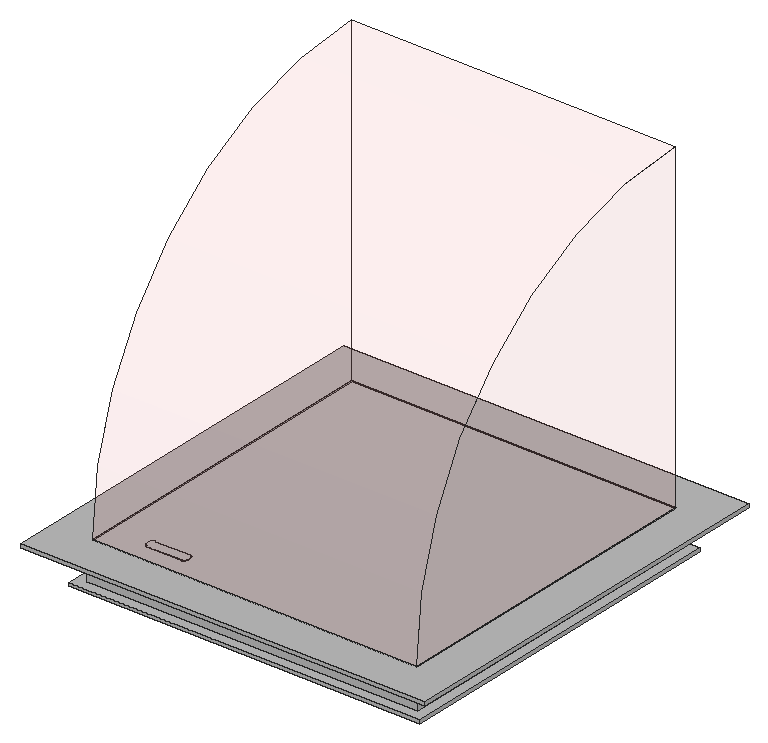
Revit family "Door_Access_Floor_Acudor_FA-H20", category Generic Models, host Face, Revit 2020
Family settings
  Host = Face
  Can host rebar = No
  Round Connector Dimension = Use Diameter
  Part Type = Normal
  Cut with Voids When Loaded = No
  Shared = No
  Room Calculation Point = No
Parameters
  halfswing = (Door Width / 2)  # 1' - 0"
  Warranty Duration (Years) = 0
  Unit Width = 2' - 0"
  Unit Weight = 0
  Unit Height = 2' - 0"
  Unit Depth = 0' - 3"
  URL = "http://www.acudor.com/"
  Test Data = ""
  Swing Clearance Visible [instance] = yes
  Standards Conformance = "as Specified"
  Specification = ""
  SpecWizard = ""
  SingleSwing [instance] = and(Single Leaf, Swing Clearance Visible)  # yes
  Single Leaf = Unit Width < 4' 0"  # yes
  Send Message = ""
  Sales Information = "http://www.acudor.com/contactus"
  Revision = "R1_2017-03"
  Product Properties = ""
  Product Data = "http://www.arcat.com/arcatcos/cos30/arc30126.html"
  Overall Width = 2' - 6"
  Overall Height = 2' - 6"
  Opening Width = Unit Width  # 2' - 0"
  Opening Height = Unit Height  # 2' - 0"
  Opening Depth [instance] = 1' - 0"
  Model = "As Specified"
  Manufacturer Website = "http://www.acudor.com/"
  Manufacturer Phone - Toll Free = "800-722-0501"
  Manufacturer Phone = "973-575-5120"
  Manufacturer Fax = "973-575-5160"
  Manufacturer Address = "80 Little Falls Rd.  Fairfield, NJ 07004"
  Manufacturer = "Acudor Products Inc"
  Maintenance Schedule (Months) = 0
  Keynote = ""
  Installation-Fabrication = ""
  Installation Phase = ""
  Green Building-LEED = "http://www.arcat.com/green/clients/leed_data_30126.html"
  Frame Finish [instance] = Metal - Acudor - Aluminum
  Fixture Finish [instance] = Metal - Acudor - Aluminum Diamond Plated
  Expected Lifespan (Years) = 0
  Drawn By = "Sumex Design, Inc. / Robert S. Weygant, CSI, CDT, SCIP"
  DoubleSwing [instance] = and(Double Leaf, Swing Clearance Visible)  # no
  Double Leaf = not(Single Leaf)  # no
  Door Width = Unit Width  # 2' - 0"
  Door Height = Unit Height  # 2' - 0"
  Description = "Acudor Product as Specified"
  Default Elevation = 0' - 0"  # constant formula
  Copyright = "©Arcat Inc."
  Construction Details = ""
  Clearance Material [instance] = ARCAT Clearance
  Clear Opening Width = 1' - 8"
  Clear Opening Height = 2' - 0"
  Capacity = "as Specified"
  Available Options [instance] = "as Specified"
  Assembly Code = ""
Reference planes (in)
  plane 1 "Center (Front/Back)": y = 1.28343
  plane 2: z = 0
  plane 3 "Center (Left/Right)": x = 0
  plane 4: y = 13.28343
  plane 5: y = -10.71657
  plane 6: x = -12
  plane 7: x = 12
  plane 8: z = 0
  plane 9: y = 16.28343
  plane 10: y = -13.71657
  plane 11: x = -15
  plane 12: x = 15
  plane 13: z = -3
  plane 14: x = -12
  plane 15: x = 12
  plane 16: y = 13.28343
  plane 17: y = -10.71657
  plane 18: z = -12
Forms (in)
  Extrusion 1, void
    sketch origin (0, 0, 0) x (1, 0, 0) y (0, 1, 0)
      loop
        line (-12, 13.28343) -> (-12, -10.71657) -> (12, -10.71657) -> (12, 13.28343) -> (-12, 13.28343)
    from -12 to 0
  Sweep 2, solid, material "Metal - Acudor - Aluminum" <- "Frame Finish"
    path origin (0, 0, 0) x (1, 0, 0) y (0, 1, 0)
      loop
        line (-15, 16.28343) -> (-15, -13.71657) -> (15, -13.71657) -> (15, 16.28343) -> (-15, 16.28343)
    profile origin (0, 16.28343, 0) x (0, 1, 0) y (0, 0, 1)
      loop
        line (-3, 0) -> (-3, -3) -> (-2, -3) -> (-2, -2.75) -> (-2.75, -2.75) -> (-2.75, -0.25) -> (0, -0.25) -> (0, 0) -> (-3, 0)
  Extrusion 3, solid, material "Metal - Acudor - Aluminum Diamond Plated" <- "Fixture Finish", visible <- "Single Leaf"
    sketch origin (0, 0, 0) x (1, 0, 0) y (0, 1, 0)
      loop
        line (-12, 13.28343) -> (-12, -10.71657) -> (12, -10.71657) -> (12, 13.28343) -> (-12, 13.28343)
    from 0 to -0.25
  Extrusion 4, solid, material "Metal - Acudor - Aluminum" <- "Frame Finish", visible <- "Single Leaf"
    sketch origin (0, 0, 0) x (1, 0, 0) y (0, 1, 0)
      loop
        line (-11.25, 12.53343) -> (-11.25, -9.96489) -> (11.24832, -9.96489) -> (11.24832, 12.53343) -> (-11.25, 12.53343)
    from -2.45734 to -0.25
  Extrusion 5, solid, material "Metal - Acudor - Aluminum Diamond Plated" <- "Fixture Finish", visible <- "Double Leaf"
    sketch origin (0, 0, 0) x (1, 0, 0) y (0, 1, 0)
      loop
        line (-12, 13.28343) -> (-12, -10.71657) -> (0, -10.71657) -> (0, 13.28343) -> (-12, 13.28343)
    from 0 to -0.25
  Extrusion 6, solid, material "Metal - Acudor - Aluminum Diamond Plated" <- "Fixture Finish", visible <- "Double Leaf"
    sketch origin (0, 0, 0) x (-1, 0, 0) y (0, -1, 0)
      loop
        line (-12, -13.28343) -> (0, -13.28343) -> (0, 10.71657) -> (-12, 10.71657) -> (-12, -13.28343)
    from 0 to -0.25
  Extrusion 7, solid, material "Metal - Acudor - Aluminum" <- "Frame Finish", visible <- "Double Leaf"
    sketch origin (0, 0, 0) x (1, 0, 0) y (0, 1, 0)
      loop
        line (-11.25, 12.53343) -> (-11.25, -9.96489) -> (0, -9.96489) -> (0, 12.53343) -> (-11.25, 12.53343)
    from -2.45734 to -0.25
  Extrusion 8, solid, material "Metal - Acudor - Aluminum" <- "Frame Finish", visible <- "Double Leaf"
    sketch origin (0, 0, 0) x (-1, 0, 0) y (0, -1, 0)
      loop
        line (-11.25, -12.53343) -> (0, -12.53343) -> (0, 9.96489) -> (-11.25, 9.96489) -> (-11.25, -12.53343)
    from -2.45734 to -0.25
  Extrusion 9, solid, material "ARCAT Clearance" <- "Clearance Material", visible <- "DoubleSwing"
    sketch origin (0, 1.28343, 0) x (1, 0, 0) y (0, 0, 1)
      loop
        arc (-0.00289, 0) -> (-3.60833, 8.31456) -> (-12, 11.73669) r 12
        line (-12, 11.73669) -> (-12, 0) -> (-0.00289, 0)
    from -12 to 12
  Extrusion 10, solid, material "ARCAT Clearance" <- "Clearance Material", visible <- "DoubleSwing"
    sketch origin (0, 1.28343, 0) x (-1, 0, 0) y (0, 0, -1)
      loop
        line (-0.00289, 0) -> (-12, 0) -> (-12, -11.73669)
        arc (-12, -11.73669) -> (-3.60833, -8.31456) -> (-0.00289, 0) r 12
    from -12 to 12
  Sweep 11, void
    path origin (0, 0, 0) x (1, 0, 0) y (0, 1, 0)
      loop
        line (-15, 16.28343) -> (-15, -13.71657) -> (15, -13.71657) -> (15, 16.28343) -> (-15, 16.28343)
    profile origin (0, 16.28343, 0) x (0, 1, 0) y (0, 0, 1)
      loop
        line (-3, 0) -> (-3, -3) -> (-2, -3) -> (-2, -2.75) -> (-2.75, -2.75) -> (-2.75, -0.25) -> (0, -0.25) -> (0, 0) -> (-3, 0)
  Extrusion 12, solid, material "ARCAT Clearance" <- "Clearance Material", visible <- "SingleSwing"
    sketch origin (0, 0, 0) x (0, 1, 0) y (0, 0, 1)
      loop
        arc (13.28343, 24) -> (-3.68713, 16.97056) -> (-10.71657, 0) r 24
        line (-10.71657, 0) -> (13.28343, 0) -> (13.28343, 24)
    from -12 to 12
  Extrusion 13, solid, material "Metal - Acudor - Aluminum" <- "Frame Finish", visible <- "Single Leaf"
    sketch origin (0, 0, 0) x (1, 0, 0) y (0, 1, 0)
      loop
        arc (-9.05949, -8.62985) -> (-9.23627, -8.70307) -> (-9.30949, -8.87985) r 0.25
        line (-9.30949, -8.87985) -> (-9.30949, -9.14484)
        arc (-9.30949, -9.14484) -> (-9.23627, -9.32161) -> (-9.05949, -9.39484) r 0.25
        line (-9.05949, -9.39484) -> (-6.49699, -9.39484)
        arc (-6.49699, -9.39484) -> (-6.32021, -9.32161) -> (-6.24699, -9.14484) r 0.25
        line (-6.24699, -9.14484) -> (-6.24699, -8.87985)
        arc (-6.24699, -8.87985) -> (-6.32021, -8.70307) -> (-6.49699, -8.62985) r 0.25
        line (-6.49699, -8.62985) -> (-9.05949, -8.62985)
    from 0 to -0.25
  Extrusion 14, solid, material "Metal - Acudor - Aluminum" <- "Frame Finish", visible <- "Double Leaf"
    sketch origin (6.95341, 2.57087, 0) x (0, -1, 0) y (1, 0, 0)
      loop
        arc (-9.05949, -8.62985) -> (-9.23627, -8.70307) -> (-9.30949, -8.87985) r 0.25
        line (-9.30949, -8.87985) -> (-9.30949, -9.14484)
        arc (-9.30949, -9.14484) -> (-9.23627, -9.32161) -> (-9.05949, -9.39484) r 0.25
        line (-9.05949, -9.39484) -> (-6.49699, -9.39484)
        arc (-6.49699, -9.39484) -> (-6.32021, -9.32161) -> (-6.24699, -9.14484) r 0.25
        line (-6.24699, -9.14484) -> (-6.24699, -8.87985)
        arc (-6.24699, -8.87985) -> (-6.32021, -8.70307) -> (-6.49699, -8.62985) r 0.25
        line (-6.49699, -8.62985) -> (-9.05949, -8.62985)
    from 0 to -0.25
Lines and regions (in)
  model lines, style "GenericModelHiddenLines", visible <- "Single Leaf"
    curve 1: line (-12, -10.71657, 0) -> (0, 13.28728, 0)
    curve 2: line (0, 13.28728, 0) -> (12, -10.71657, 0)
  model lines, style "GenericModelHiddenLines", visible <- "Double Leaf"
    curve 3: line (0, 13.28343, 0) -> (-12, 1.28343, 0)
    curve 4: line (-12, 1.28343, 0) -> (0, -10.71657, 0)
    curve 5: line (0, -10.71657, 0) -> (12, 1.28343, 0)
    curve 6: line (12, 1.28343, 0) -> (0, 13.28343, 0)
Dimensions and locks (in)
  locked: plane 8 to level
  equal spacing: plane 4, plane 1 "Center (Front/Back)", plane 5
  "Unit Height": plane 4 to plane 5
  equal spacing: plane 6, plane 3 "Center (Left/Right)", plane 7
  "Unit Width": plane 6 to plane 7
  equal spacing: plane 11, plane 3 "Center (Left/Right)", plane 12
  equal spacing: plane 9, plane 1 "Center (Front/Back)", plane 10
  "Overall Width": plane 11 to plane 12
  "Overall Height": plane 9 to plane 10
  "Unit Depth": plane 8 to plane 13
  equal spacing: plane 16, plane 1 "Center (Front/Back)", plane 17
  equal spacing: plane 14, plane 3 "Center (Left/Right)", plane 15
  "Opening Width": plane 14 to plane 15
  "Opening Height": plane 16 to plane 17
  "Opening Depth": level to plane 18
  locked: Extrusion 4 sketch curve to plane 15 at 0.75168
  locked: plane 14 to Extrusion 4 sketch curve at 0.75
  locked: plane 16 to Extrusion 4 sketch curve at 0.75
  locked: Extrusion 4 sketch curve to plane 17 at 0.75168
  locked: plane 16 to Extrusion 7 sketch curve at 0.75
  locked: Extrusion 7 sketch curve to plane 17 at 0.75168
  locked: plane 14 to Extrusion 7 sketch curve at 0.75
  locked: plane 16 to Extrusion 8 sketch curve at 0.75
  locked: Extrusion 8 sketch curve to plane 17 at 0.75168
  locked: Extrusion 8 sketch curve to plane 15 at 0.75
  locked: plane 16 to Sweep 11 sketch curve at 1
  locked: plane 16 to Sweep 11 sketch curve at 0.25
  plane 16 to Sweep 2 sketch curve to Sweep 2 sketch curve = 0' - 0 1/4" locked, 0' - 0 3/4" locked
  plane 16 to Extrusion 14 sketch curve to Extrusion 14 sketch curve = 0' - 1.40307" locked, 0' - 3 1/16" locked
  Extrusion 14 sketch curve to Extrusion 14 sketch curve to plane 3 "Center (Left/Right)" = 0' - 0.76499" locked, 0' - 1.67643" locked
  Extrusion 13 sketch curve to Extrusion 13 sketch curve to plane 17 = 0' - 0.76499" locked, 0' - 1.32173" locked
  plane 14 to Extrusion 13 sketch curve to Extrusion 13 sketch curve = 0' - 2.69051" locked, 0' - 3 1/16" locked
  "halfswing": radius of Extrusion 9 sketch curve
  "halfswing": radius of Extrusion 10 sketch curve
  "Door Height": radius of Extrusion 12 sketch curve
  aligned and locked: host face to plane 2
  aligned and locked: host face to level
  aligned and locked: Extrusion 1 sketch curve to plane 16
  aligned and locked: plane 14 to Extrusion 1 sketch curve
  aligned and locked: plane 17 to Extrusion 1 sketch curve
  aligned and locked: Extrusion 1 sketch curve to plane 15
  aligned and locked: Extrusion 1 to plane 18
  aligned and locked: plane 8 to Extrusion 1
  aligned and locked: Sweep 2 sketch curve to plane 9
  aligned and locked: plane 11 to Sweep 2 sketch curve
  aligned and locked: plane 10 to Sweep 2 sketch curve
  aligned and locked: Sweep 2 sketch curve to plane 12
  aligned and locked: Extrusion 6 sketch curve to plane 3 "Center (Left/Right)"
  aligned and locked: Extrusion 5 sketch curve to plane 3 "Center (Left/Right)"
  aligned and locked: plane 3 "Center (Left/Right)" to curve 3
  aligned and locked: plane 3 "Center (Left/Right)" to curve 5
  aligned and locked: plane 1 "Center (Front/Back)" to curve 4
  aligned and locked: plane 1 "Center (Front/Back)" to curve 6
  aligned and locked: Extrusion 7 sketch curve to plane 3 "Center (Left/Right)"
  aligned and locked: Extrusion 8 sketch curve to plane 3 "Center (Left/Right)"
  aligned and locked: plane 10 to Sweep 11 sketch curve
  aligned and locked: Sweep 11 sketch curve to plane 12
  aligned and locked: plane 16 to Extrusion 6 sketch curve
  aligned and locked: plane 15 to Extrusion 6 sketch curve
  aligned and locked: Extrusion 6 sketch curve to plane 17
  aligned and locked: Extrusion 5 sketch curve to plane 16
  aligned and locked: plane 17 to Extrusion 5 sketch curve
  aligned and locked: plane 14 to Extrusion 5 sketch curve
  aligned and locked: plane 14 to Extrusion 3 sketch curve
  aligned and locked: Extrusion 3 sketch curve to plane 16
  aligned and locked: Extrusion 3 sketch curve to plane 15
  aligned and locked: plane 17 to Extrusion 3 sketch curve
  aligned and locked: plane 4 to Extrusion 10
  aligned and locked: Extrusion 10 to plane 5
  aligned and locked: Extrusion 9 to plane 5
  aligned and locked: plane 4 to Extrusion 9
  aligned and locked: plane 14 to Extrusion 9 sketch curve
  aligned and locked: plane 15 to Extrusion 10 sketch curve
  aligned and locked: plane 16 to Extrusion 12 sketch curve
  aligned and locked: plane 7 to Extrusion 12
  aligned and locked: Extrusion 12 to plane 6
  aligned and locked: plane 9 to Sweep 11 sketch curve
  aligned and locked: plane 9 to Sweep 2 sketch curve
  aligned and locked: plane 3 "Center (Left/Right)" to curve 1
Automatic sketch dimensions
  host sketch curve to host sketch curve = 12' - 11.75605"
  host sketch curve to host sketch curve = 12' - 7.74281"
  Sweep 2 sketch curve to level = 0' - 0"
  Sweep 2 sketch curve to Sweep 2 sketch curve = 0' - 0 1/4"  (x3)
  Sweep 2 sketch curve to Sweep 2 sketch curve = 0' - 2 1/2"
  curve 3 to Extrusion 5 = 0' - 0"
  curve 1 to Extrusion 3 = 0' - 0"  (x2)
  Extrusion 3 to curve 2 = 0' - 0"
  curve 2 to Extrusion 3 = 0' - 0"
  Extrusion 3 to curve 2 = 0' - 0.00385"
  Extrusion 9 sketch curve to level = 0' - 0"
  Extrusion 9 sketch curve to plane 3 "Center (Left/Right)" = 0' - 0.00289"
  Extrusion 10 sketch curve to level = 0' - 0"
  Extrusion 10 sketch curve to plane 3 "Center (Left/Right)" = 0' - 0.00289"
  Sweep 11 sketch curve to plane 11 = 0' - 0"
  Sweep 11 sketch curve to plane 9 = 0' - 0"
  Sweep 11 sketch curve to level = 0' - 0"
  Sweep 11 sketch curve to Sweep 11 sketch curve = 0' - 0 1/4"  (x3)
  Sweep 11 sketch curve to Sweep 11 sketch curve = 0' - 2 1/2"
  Extrusion 12 sketch curve to level = 0' - 0"
  Extrusion 12 sketch curve to plane 5 = 0' - 0"
  Extrusion 13 sketch curve to Extrusion 13 sketch curve = 0' - 0 1/4"  (x3)
  Extrusion 13 sketch curve to Extrusion 13 sketch curve = 0' - 0"
  Extrusion 14 sketch curve to Extrusion 14 sketch curve = 0' - 0 1/4"  (x3)
  Extrusion 14 sketch curve to Extrusion 14 sketch curve = 0' - 0"
